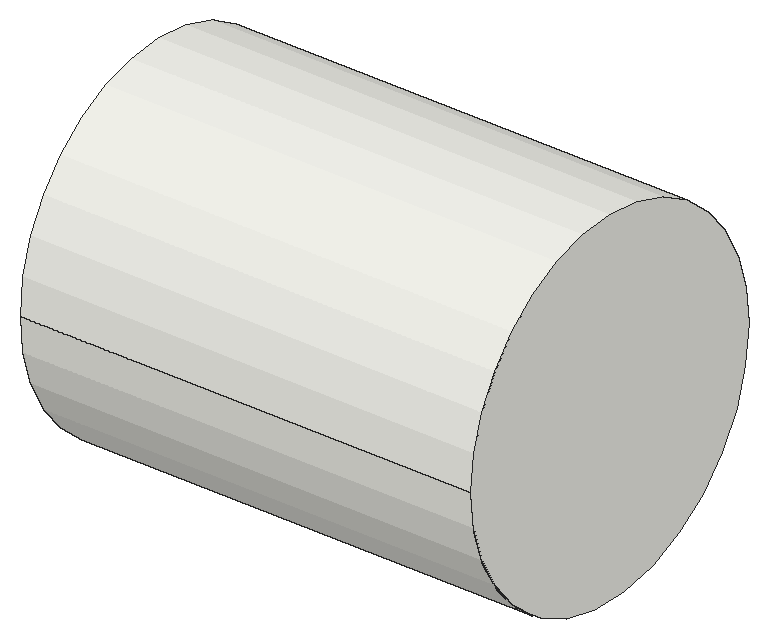
Revit family "Luva", category Pipe Fittings, Revit 2025
Family settings
  Round Connector Dimension = Use Radius
  Part Type = Union
  OmniClass Number = 23.60.30.11.14
  OmniClass Title = Pipework Fittings
  Work Plane-Based = No
  Always vertical = Yes
  Cut with Voids When Loaded = No
  Shared = No
Parameters
  Tick Size [instance] = Socket Outside Diameter * 0.4  # 0.452"
  Socket Outside Radius [instance] = Socket Outside Diameter / 2  # 0.565"
  Socket Outside Diameter [instance] = size_lookup(Lookup Table Name, "SOD", 1.13 * Nominal Diameter + 113/256", Nominal Diameter)  # 1.13"
  Nominal Radius [instance] = 1/4"
  Nominal Diameter [instance] = Nominal Radius * 2  # 1/2"
  Loss Method = K Coefficient from Table
  Lookup Table Name = "Coupling - PVC - Sch 40"
  Length 1 [instance] = Length / 2  # 0.735"
  Length [instance] = size_lookup(Lookup Table Name, "Lgt", 0.93 * Nominal Diameter + 57/64", Nominal Diameter)  # 1.47"
  K Coefficient Table = "Reducer/Coupling/Union/Increaser"
  Default Elevation = 0.000 m
Reference planes (m)
  plane 1 "Center (Front/Back)": y = 0
  plane 2: z = 0
  plane 3 "Center (Left/Right)": x = 0
  plane 4: x = -0.018669
  plane 5: x = 0.018669
Forms (m)
  Extrusion 1, solid, material "PVC", detail levels fine
    sketch origin (0, 0, 0) x (0, 1, 0) y (0, 0, 1)
      loop
        circle (0, 0) r 0.014351
    from -0.018669 to 0.018669
Lines and regions (m)
  model lines, detail levels coarse+medium
    curve 1: line (-0.018669, 0, 0) -> (0.018669, 0, 0)
    curve 2: line (-0.018669, 0, 0) -> (-0.018669, 0.011481, 0)
    curve 3: line (-0.018669, 0, 0) -> (-0.018669, -0.011481, 0)
    curve 4: line (0.018669, 0, 0) -> (0.018669, 0.011481, 0)
    curve 5: line (0.018669, 0, 0) -> (0.018669, -0.011481, 0)
Dimensions and locks (m)
  equal spacing: plane 4, plane 3 "Center (Left/Right)", plane 5
  "Length 1": plane 4 to plane 3 "Center (Left/Right)"
  "Tick Size": plane 1 "Center (Front/Back)" to curve 2
  "Tick Size": curve 3 to plane 1 "Center (Front/Back)"
  equal spacing: curve 5, plane 1 "Center (Front/Back)", curve 4
  "Tick Size": plane 1 "Center (Front/Back)" to curve 4
  "Socket Outside Radius": radius of Extrusion 1 sketch curve
  aligned and locked: plane 1 "Center (Front/Back)" to Extrusion 1 sketch curve
  aligned and locked: level to Extrusion 1 sketch curve
  aligned and locked: Extrusion 1 to plane 4
  aligned and locked: plane 1 "Center (Front/Back)" to curve 1
  aligned and locked: plane 4 to curve 1
  aligned and locked: plane 5 to curve 1
  aligned and locked: plane 5 to Extrusion 1
Connectors (m)
  piping at (-0.018669, 0, 0), diameter 0.0127, driven by "Nominal Radius"
    settings: on Extrusion 1, index 1, connector inside diameter 1/2", connector length 0.000 m, flow factor 0, pipe flow 0 GPM, pressure drop 0.00 psi, fitting loss kfactor 0, connector angle 0.00°, fixture units 0, engagement length 0.000 m, angle of deflection 0.00°, flow configuration 0, flow direction 0, fitting loss method 0, system type 28, joint type 0, gender type 0, connector reference index 2, connector utility 0, adjustable connector no, is connector primary yes, connector description ""
  piping at (0.018669, 0, 0), diameter 0.0127, driven by "Nominal Radius"
    settings: on Extrusion 1, index 2, connector inside diameter 1/2", connector length 0.000 m, flow factor 0, pipe flow 0 GPM, pressure drop 0.00 psi, fitting loss kfactor 0, connector angle 0.00°, fixture units 0, engagement length 0.000 m, angle of deflection 0.00°, flow configuration 0, flow direction 0, fitting loss method 0, system type 28, joint type 0, gender type 0, connector reference index 1, connector utility 0, adjustable connector no, is connector primary no, connector description ""
